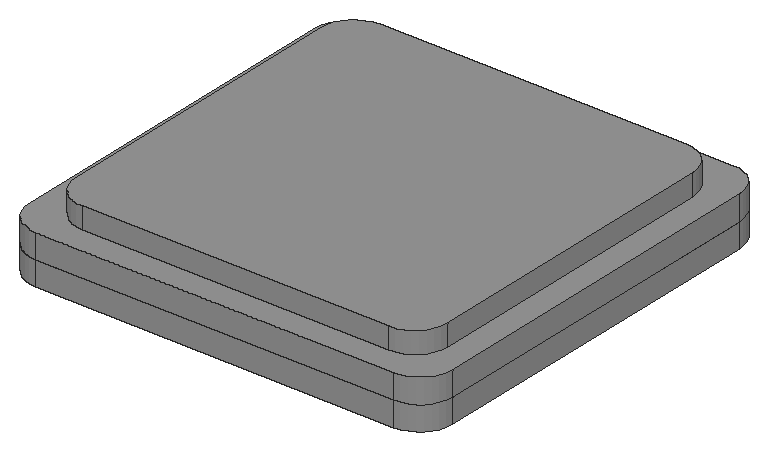
Revit family "FMS2_63_UN_Surface-mounted_ETK", category Lighting Fixtures, Revit 2019
Family settings
  Round Connector Dimension = Use Diameter
  Part Type = Normal
  OmniClass Number = 23.80.70.11.14.11
  OmniClass Title = Downlights
  Work Plane-Based = No
  Always vertical = Yes
  Cut with Voids When Loaded = No
  Light Source = No
  Shared = No
  Room Calculation Point = Yes
Parameters (values of type "FMS.2100.10 - 260x260 / 18W / 1120lm / 3000K")
  Wattage Comments = "18W"
  Wall mounted [instance] = no
  Voltage = 230 V
  URL = "https://www.etk.nl"
  Type Comments = "IP20"
  Symbol_Waterproof [instance] = no
  Symbol_Emergency Lighting [instance] = yes
  Switch Code [instance] = ""
  Model = "FMS.2"
  Manufacturer = "ETK licht B.V."
  Luminaire_Body_Material = PPS Plastic
  Luminaire Code [instance] = ""
  Light Source = FMS.2 - Lightsource : FMS.2100.10 - 260x260 / 18W / 1120lm / 3000K
  Lamp = "LED"
  IfcExportType = "USERDEFINED"
  IfcExportAs = "IfcLightFixtureType"
  Description = "Surface Mounted"
  Copyright © IVLighting = "www.ivlighting.nl"
  Ceiling mounted [instance] = not(Wall mounted)  # yes
  Bundle = "110°"
  Assembly Code = "63.0"
  Apparent Load = 18 VA
Reference planes
  plane 1 "Center (Front/Back)": y = 0
  plane 2: z = 0
  plane 3 "Center (Left/Right)": x = 0
Dimensions and locks
  plane 3 "Center (Left/Right)" to nested 1 = 0 mm
  aligned and locked: level to plane 2
  aligned and locked: plane 3 "Center (Left/Right)" to nested 4
  aligned and locked: level to nested 5
  aligned and locked: plane 1 "Center (Front/Back)" to nested 4
  aligned and locked: level to nested 4
  aligned and locked: nested 5 to plane 3 "Center (Left/Right)"
Nested families
  nested 1: "FMS.2 Light_Symbol_IVL" at (0, 0, 0), type "Lighting Fixture Round - Emergency Lighting"
  nested 2: "FMS.2 - Lightsource" at (43, -3.799, 2.924) x (0, 0, -1) z (-1, 0, 0), visible <- "Wall mounted", type "FMS.2100.10N - 260x260 / 18W / 1120lm / 3000K"
  nested 3: "FMS.2 - Lightsource" at (0, -0.95, -43), visible <- "Ceiling mounted", type "FMS.2100.10 - 260x260 / 18W / 1120lm / 3000K"
  nested 4: "FMS2 Geometry" at (0, 0, -43), visible <- "Ceiling mounted", type "FMS2 Geometry"
    with Symbol_Waterproof no, Symbol_Emergency Lighting no
  nested 5: "FMS2 Geometry" at (43, 0, 0) x (0, 1, 0) z (-1, 0, 0), visible <- "Wall mounted", type "FMS2 Geometry"
    with Symbol_Waterproof no, Symbol_Emergency Lighting no
Connectors
  electrical at (0, 0, 0), driven by "Apparent Load"
    settings: index 1, voltage 0 V, apparent load 0 VA, apparent load phase1 18 VA, apparent load phase2 0 VA, apparent load phase3 0 VA, power factor 1, load classification "Other", number of poles 1, system type 31, power factor state 1, is connector primary yes, connector utility no, sub classification motor no, connector description ""
Definition of nested family "FMS2 Geometry"
  Parameters (values of type "FMS2 Geometry")
    URL = "https://www.etk.nl/"
    Type Comments = "IP20"
    Symbol_Waterproof [instance] = no
    Symbol_Emergency Lighting [instance] = no
    Model = "FMS.2"
    Manufacturer = "ETK licht B.V."
    Luminaire_Body_Material = none
    Description = "Surface Mounted"
    Default Elevation = 1219.2 mm
    Copyright © IVLighting = "www.ivlighting.nl"
    Assembly Code = "63.0"
    43mm Height = yes
  Reference planes
    plane 1 "Center (Front/Back)": y = 0
    plane 2: z = 0
    plane 3 "Center (Left/Right)": x = 0
  Forms (mm)
    Extrusion 1, solid, visible <- "43mm Height"
      sketch origin (0, 0, 0) x (1, 0, 0) y (0, 1, 0)
        loop
          arc (-110, 130) -> (-124.142, 124.142) -> (-130, 110) r 20
          line (-130, 110) -> (-130, -110)
          arc (-130, -110) -> (-124.142, -124.142) -> (-110, -130) r 20
          line (-110, -130) -> (110, -130)
          arc (110, -130) -> (124.142, -124.142) -> (130, -110) r 20
          line (130, -110) -> (130, 110)
          arc (130, 110) -> (124.142, 124.142) -> (110, 130) r 20
          line (110, 130) -> (-110, 130)
      from 0 to 15
    Extrusion 2, solid, material <- "Luminaire_Body_Material", visible <- "43mm Height"
      sketch origin (0, 0, 0) x (1, 0, 0) y (0, 1, 0)
        loop
          arc (-94, 114) -> (-108.142, 108.142) -> (-114, 94) r 20
          line (-114, 94) -> (-114, -94)
          arc (-114, -94) -> (-108.142, -108.142) -> (-94, -114) r 20
          line (-94, -114) -> (94, -114)
          arc (94, -114) -> (108.142, -108.142) -> (114, -94) r 20
          line (114, -94) -> (114, 94)
          arc (114, 94) -> (108.142, 108.142) -> (94, 114) r 20
          line (94, 114) -> (-94, 114)
      from 30 to 43
    Extrusion 3, solid, material <- "Luminaire_Body_Material", visible <- "43mm Height"
      sketch origin (0, 0, 0) x (1, 0, 0) y (0, 1, 0)
        loop
          arc (-110, 130) -> (-124.142, 124.142) -> (-130, 110) r 20
          line (-130, 110) -> (-130, -110)
          arc (-130, -110) -> (-124.142, -124.142) -> (-110, -130) r 20
          line (-110, -130) -> (110, -130)
          arc (110, -130) -> (124.142, -124.142) -> (130, -110) r 20
          line (130, -110) -> (130, 110)
          arc (130, 110) -> (124.142, 124.142) -> (110, 130) r 20
          line (110, 130) -> (-110, 130)
      from 15 to 30
  Cuts and joins
    joined: Extrusion 2, Extrusion 3
  Dimensions and locks
    aligned and locked: level to plane 2
Definition of nested family "FMS.2 Light_Symbol_IVL"
  Parameters (values of type "Lighting Fixture - Round")
    Waterproof = no
    Wall mounted = no
    Lighting Fixture = yes
    Emergency Lighting = no
  Types (3, lengths in mm): name | Waterproof | Emergency Lighting
    Lighting Fixture - Round | no | no
    Lighting Fixture Round - Emergency Lighting | no | yes
    Lighting Fixture Round - Waterproof | yes | no
  Reference planes
    plane 1: y = 0
    plane 2: x = 0
  Lines and regions (mm)
    Filled region 1, type "Emergency Lighting", visible <- "Waterproof"
      outline origin (5.15, 1.04, 0) x (1, 0, 0) y (0, 1, 0)
        loop
          line (-6.45, -1.34) -> (-6.45, -2.34) -> (-3.85, -2.34) -> (-3.85, -1.34) -> (-6.45, -1.34)
    Filled region 2, type "Emergency Lighting", visible <- "Emergency Lighting"
      outline origin (-5.15, 1.04, 0) x (0, 1, 0) y (-1, 0, 0)
        loop
          line (-1.04, -5.15) -> (-2.34, -6.45) -> (0.26, -6.45) -> (-1.04, -5.15)
    Filled region 3, type "Emergency Lighting", visible <- "Emergency Lighting"
      outline origin (5.15, 1.04, 0) x (1, 0, 0) y (0, 1, 0)
        loop
          line (-5.15, -1.04) -> (-6.45, 0.26) -> (-6.45, -2.34) -> (-5.15, -1.04)
    detail lines, visible <- "Wall mounted"
      curve 1: line (-0.95, 0, 0) -> (-1.705, 0, 0)
      curve 2: line (-1.705, 0.391, 0) -> (-1.705, -0.391, 0)
    detail lines, visible <- "Lighting Fixture"
      curve 3: line (-1.3, 1.3, 0) -> (1.3, 1.3, 0)
      curve 4: line (-1.3, -1.3, 0) -> (-1.3, 1.3, 0)
      curve 5: line (1.3, -1.3, 0) -> (-1.3, -1.3, 0)
      curve 6: line (1.3, 1.3, 0) -> (1.3, -1.3, 0)
Definition of nested family "FMS.2 - Lightsource"
  Parameters (values of type "FMS.1110.10 - Ø270 / 18W / 1120lm / 4000K")
    Wattage Comments = "18W"
    Wattage = 7.53996 W
    built-in parameter 1150110 = 1 (stored number, unit not read)
    URL = "https://www.etk.nl"
    built-in parameter 1114217 = 1 (stored number, unit not read)
    Tilt Angle = 90.00°
    built-in parameter 1150109 = 1 (stored number, unit not read)
    built-in parameter 1150134 = 12
    built-in parameter 1150113 = 1 (stored number, unit not read)
    Photometric Web File = "FMS.1110.10.ies"
    built-in parameter 1150142 = "IESNA:LM-63-2002\r\n[TEST] /2016\r\n[TESTLAB] ies2eulumdat.appspot.com\r\n[ISSUEDATE] 2021-10-05T13:44:21.684\r\n[MANUFAC] www.etk.nl\r\n[LUMCAT] FMS.1110.10\r\n[LUMINAIRE] FMS.1 LED 18W 4000K 1120lm ø270 Ledeshi Slice circle III niet dimbaar\r\n[LAMPCAT] LED\r\n[LAMP] LED\r\nTILT=NONE\r\n1\t1381\t1\t181\t72\t1\t2\t-0.270\t-0.270\t0\r\n1.0\t1.0\t15.30\r\n0\t 0.5\t 1\t 1.5\t 2\t 2.5\t 3\t 3.5\t 4\t 4.5\r\n5\t 5.5\t 6\t 6.5\t 7\t 7.5\t 8\t 8.5\t 9\t 9.5\r\n10\t 10.5\t 11\t 11.5\t 12\t 12.5\t 13\t 13.5\t 14\t 14.5\r\n15\t 15.5\t 16\t 16.5\t 17\t 17.5\t 18\t 18.5\t 19\t 19.5\r\n20\t 20.5\t 21\t 21.5\t 22\t 22.5\t 23\t 23.5\t 24\t 24.5\r\n25\t 25.5\t 26\t 26.5\t 27\t 27.5\t 28\t 28.5\t 29\t 29.5\r\n30\t 30.5\t 31\t 31.5\t 32\t 32.5\t 33\t 33.5\t 34\t 34.5\r\n35\t 35.5\t 36\t 36.5\t 37\t 37.5\t 38\t 38.5\t 39\t 39.5\r\n40\t 40.5\t 41\t 41.5\t 42\t 42.5\t 43\t 43.5\t 44\t 44.5\r\n45\t 45.5\t 46\t 46.5\t 47\t 47.5\t 48\t 48.5\t 49\t 49.5\r\n50\t 50.5\t 51\t 51.5\t 52\t 52.5\t 53\t 53.5\t 54\t 54.5\r\n55\t 55.5\t 56\t 56.5\t 57\t 57.5\t 58\t 58.5\t 59\t 59.5\r\n60\t 60.5\t 61\t 61.5\t 62\t 62.5\t 63\t 63.5\t 64\t 64.5\r\n65\t 65.5\t 66\t 66.5\t 67\t 67.5\t 68\t 68.5\t 69\t 69.5\r\n70\t 70.5\t 71\t 71.5\t 72\t 72.5\t 73\t 73.5\t 74\t 74.5\r\n75\t 75.5\t 76\t 76.5\t 77\t 77.5\t 78\t 78.5\t 79\t 79.5\r\n80\t 80.5\t 81\t 81.5\t 82\t 82.5\t 83\t 83.5\t 84\t 84.5\r\n85\t 85.5\t 86\t 86.5\t 87\t 87.5\t 88\t 88.5\t 89\t 89.5\r\n90\r\n0\t 5\t 10\t 15\t 20\t 25\t 30\t 35\t 40\t 45\r\n50\t 55\t 60\t 65\t 70\t 75\t 80\t 85\t 90\t 95\r\n100\t 105\t 110\t 115\t 120\t 125\t 130\t 135\t 140\t 145\r\n150\t 155\t 160\t 165\t 170\t 175\t 180\t 185\t 190\t 195\r\n200\t 205\t 210\t 215\t 220\t 225\t 230\t 235\t 240\t 245\r\n250\t 255\t 260\t 265\t 270\t 275\t 280\t 285\t 290\t 295\r\n300\t 305\t 310\t 315\t 320\t 325\t 330\t 335\t 340\t 345\r\n350\t 355\r\n502.9602\t502.2697\t501.5792\t501.303\t500.8887\t500.3363\t499.6458\t499.2315\t498.6791\t497.8505\r\n497.16\t496.3314\t495.5028\t494.5361\t493.5694\t492.4646\t491.2217\t490.255\t489.2883\t488.0454\r\n486.8025\t485.4215\t484.0405\t482.6595\t481.2785\t479.7594\t478.2403\t476.5831\t475.064\t473.4068\r\n471.7496\t469.8162\t468.0209\t466.0875\t464.1541\t462.2207\t460.1492\t458.0777\t456.0062\t453.9347\r\n451.7251\t449.6536\t447.5821\t445.2344\t442.7486\t440.2628\t437.777\t435.4293\t433.0816\t430.4577\r\n427.8338\t425.348\t422.8622\t420.2383\t417.4763\t414.5762\t411.8142\t409.0522\t406.2902\t403.5282\r\n400.7662\t397.728\t394.5517\t391.6516\t388.7515\t385.7133\t382.8132\t379.6369\t376.4606\t373.4224\r\n370.2461\t367.2079\t364.1697\t360.7172\t357.4028\t354.0884\t350.774\t347.5977\t344.4214\t340.8308\r\n337.3783\t333.9258\t330.4733\t327.1589\t323.8445\t320.392\t316.9395\t313.2108\t309.6202\t306.1677\r\n302.7152\t298.9865\t295.2578\t291.6672\t288.0766\t284.486\t280.8954\t277.1667\t273.2999\t269.7093\r\n265.9806\t262.2519\t258.5232\t254.7945\t250.9277\t247.3371\t243.7465\t239.8797\t236.0129\t232.008\r\n228.0031\t224.4125\t220.8219\t216.9551\t213.2264\t209.0834\t205.0785\t201.2117\t197.3449\t193.4781\r\n189.6113\t185.4683\t181.4634\t177.7347\t173.8679\t170.0011\t165.9962\t161.9913\t157.8483\t153.9815\r\n150.2528\t146.5241\t142.7954\t138.7905\t134.7718\t130.6978\t126.6239\t122.9366\t119.2355\t115.3687\r\n111.5019\t107.8285\t104.1412\t100.4125\t96.6976\t92.9551\t89.2264\t85.4839\t81.7552\t78.3027\r\n74.864\t71.5496\t68.2352\t64.9761\t61.7031\t58.5544\t55.4057\t52.4228\t49.4398\t46.5397\r\n43.6534\t40.7395\t37.8256\t35.1741\t32.5226\t30.0229\t27.5371\t25.2861\t23.0351\t21.0741\r\n19.113\t16.061\t13.0118\t10.1559\t7.3013\t6.7545\t6.209\t5.8775\t5.5461\t5.3141\r\n5.0821\r\n502.9602\t502.2697\t501.4411\t501.0268\t500.6125\t499.922\t499.2315\t498.6791\t497.9886\t497.16\r\n496.3314\t495.5028\t494.5361\t493.5694\t492.6027\t491.3598\t490.1169\t489.0121\t487.9073\t486.6644\r\n485.4215\t483.9024\t482.5214\t481.0023\t479.4832\t477.9641\t476.3069\t474.6497\t472.9925\t471.3353\r\n469.6781\t467.7447\t465.6732\t463.7398\t461.8064\t459.873\t457.8015\t455.5919\t453.5204\t451.3108\r\n449.1012\t446.8916\t444.8201\t442.3343\t439.9866\t437.3627\t434.8769\t432.3911\t430.0434\t427.4195\r\n424.7956\t422.1717\t419.6859\t416.9239\t414.3\t411.3999\t408.4998\t405.7378\t402.8377\t400.0757\r\n397.3137\t394.2755\t391.0992\t388.061\t385.1609\t382.1227\t379.2226\t376.0463\t372.87\t369.6937\r\n366.6555\t363.4792\t360.3029\t356.9885\t353.6741\t350.3597\t347.0453\t343.7309\t340.4165\t337.1021\r\n333.6496\t330.1971\t326.7446\t323.2921\t319.8396\t316.5252\t313.0727\t309.4821\t305.8915\t302.3009\r\n298.8484\t295.2578\t291.5291\t287.9385\t284.3479\t280.7573\t277.1667\t273.438\t269.7093\t266.1187\r\n262.39\t258.6613\t254.9326\t251.2039\t247.4752\t243.7465\t240.0178\t236.2891\t232.5604\t228.6936\r\n224.8268\t220.96\t217.2313\t213.5026\t209.7739\t205.9071\t202.0403\t198.0354\t194.3067\t190.4399\r\n186.5731\t182.7063\t178.7014\t174.8346\t170.9678\t167.2391\t163.3723\t159.5055\t155.6387\t151.7719\r\n147.9051\t144.1764\t140.4477\t136.6776\t132.8798\t129.0821\t125.2429\t121.4037\t117.7441\t114.0982\r\n110.3833\t106.6684\t103.0778\t99.5425\t96.0485\t92.4027\t88.7983\t85.2353\t81.7276\t78.2751\r\n74.864\t71.522\t68.2352\t65.0451\t61.8964\t58.803\t55.7648\t52.9061\t50.1027\t47.1611\r\n44.2334\t41.2505\t38.1985\t34.9945\t31.3763\t27.8824\t24.7061\t21.7093\t19.0026\t16.572\r\n14.3348\t12.824\t11.5037\t10.3175\t9.319\t8.5871\t8.0858\t7.7612\t2.0356\t0\r\n0\r\n502.9602\t502.1316\t501.303\t500.8887\t500.3363\t499.6458\t498.8172\t498.1267\t497.4362\t496.6076\r\n495.6409\t494.8123\t493.8456\t492.7408\t491.636\t490.3931\t489.1502\t487.9073\t486.8025\t485.4215\r\n484.1786\t482.6595\t481.1404\t479.6213\t478.1022\t476.445\t474.7878\t473.1306\t471.3353\t469.6781\r\n467.8828\t465.9494\t464.016\t461.9445\t460.0111\t457.9396\t455.8681\t453.7966\t451.587\t449.3774\r\n447.1678\t444.9582\t442.7486\t440.4009\t437.9151\t435.4293\t432.9435\t430.3196\t427.8338\t425.348\r\n422.7241\t420.1002\t417.4763\t414.8524\t412.2285\t409.4665\t406.5664\t403.6663\t400.9043\t398.0042\r\n395.2422\t392.3421\t389.3039\t386.1276\t383.2275\t380.3274\t377.2892\t374.251\t371.0747\t367.8984\r\n364.7221\t361.6839\t358.5076\t355.3313\t352.0169\t348.7025\t345.3881\t342.2118\t338.8974\t335.583\r\n332.2686\t328.8161\t325.5017\t322.0492\t318.5967\t315.2823\t311.8298\t308.3773\t305.0629\t301.4723\r\n298.0198\t294.4292\t290.8386\t287.3861\t283.9336\t280.343\t276.7524\t273.2999\t269.7093\t266.1187\r\n262.5281\t258.7994\t255.2088\t251.6182\t247.8895\t244.2989\t240.5702\t236.9796\t233.2509\t229.6603\r\n225.9316\t222.2029\t218.6123\t214.8836\t211.1549\t207.2881\t203.4213\t199.4164\t195.4115\t191.4066\r\n187.5398\t183.673\t179.6681\t175.6632\t171.6583\t167.6534\t163.7866\t159.9198\t156.1911\t152.3243\r\n148.4575\t144.5907\t140.7239\t137.0366\t133.3494\t129.6897\t126.0439\t122.3428\t118.6555\t115.0235\r\n111.4467\t107.9666\t104.5831\t101.2135\t97.7334\t94.2809\t90.8698\t87.3344\t83.7715\t80.3742\r\n77.0322\t73.8145\t70.652\t67.5723\t64.5618\t61.6064\t58.6925\t55.8338\t52.9752\t50.0613\r\n47.175\t43.971\t40.7119\t37.577\t34.5664\t31.6939\t28.9596\t26.3771\t23.9742\t21.806\r\n19.8588\t18.0359\t16.3372\t14.7353\t13.2245\t10.0371\t3.3061\t0\t0\t0\r\n0\r\n502.9602\t502.1316\t501.1649\t500.6125\t500.0601\t499.2315\t498.4029\t497.7124\t496.8838\t496.0552\r\n495.0885\t494.1218\t493.017\t491.9122\t490.8074\t489.5645\t488.1835\t486.9406\t485.6977\t484.4548\r\n483.0738\t481.6928\t480.0356\t478.5165\t476.8593\t475.3402\t473.683\t471.8877\t470.0924\t468.4352\r\n466.6399\t464.8446\t462.7731\t460.7016\t458.7682\t456.6967\t454.6252\t452.5537\t450.3441\t448.1345\r\n445.9249\t443.7153\t441.3676\t439.158\t436.8103\t434.3245\t431.8387\t429.3529\t426.729\t424.2432\r\n421.7574\t419.1335\t416.5096\t413.8857\t411.2618\t408.4998\t405.7378\t402.9758\t400.0757\t397.3137\r\n394.5517\t391.6516\t388.8896\t385.8514\t382.8132\t379.775\t377.013\t373.9748\t370.9366\t367.8984\r\n364.7221\t361.6839\t358.6457\t355.4694\t352.2931\t349.1168\t345.9405\t342.7642\t339.5879\t336.2735\r\n333.0972\t329.7828\t326.4684\t323.154\t319.9777\t316.6633\t313.3489\t309.8964\t306.582\t303.2676\r\n299.9532\t296.6388\t293.1863\t289.3195\t285.4527\t281.8621\t278.1334\t274.4047\t270.5379\t266.8092\r\n263.0805\t259.3518\t255.485\t251.6182\t247.8895\t244.0227\t240.294\t236.4272\t232.6985\t228.8317\r\n225.103\t221.2362\t217.5075\t213.7788\t209.912\t206.0452\t202.1784\t198.5878\t194.8591\t191.2685\r\n187.5398\t183.8111\t179.9443\t176.2156\t172.625\t168.8963\t165.3057\t161.7151\t157.9864\t154.3958\r\n150.8052\t147.3527\t143.7621\t139.8953\t135.9871\t132.0512\t128.0877\t124.1657\t120.5475\t116.9431\r\n113.3525\t109.7757\t106.2265\t102.6912\t99.1972\t95.7862\t92.4441\t89.1574\t85.9534\t82.8186\r\n79.7389\t76.6731\t73.4968\t70.3896\t67.3928\t64.4651\t61.6202\t58.803\t56.0134\t53.2652\r\n50.5722\t47.8516\t45.1587\t42.4934\t39.7866\t37.1075\t34.5112\t31.984\t29.512\t27.109\r\n24.7751\t22.4965\t20.2869\t13.1457\t5.7187\t0\t0\t0\t0\t0\r\n0\r\n502.9602\t501.9935\t501.1649\t500.4744\t499.7839\t498.9553\t498.1267\t497.2981\t496.4695\t495.5028\r\n494.5361\t493.5694\t492.4646\t491.3598\t490.1169\t488.874\t487.493\t486.112\t484.8691\t483.6262\r\n482.2452\t480.7261\t479.207\t477.5498\t476.0307\t474.5116\t472.8544\t471.0591\t469.2638\t467.4685\r\n465.6732\t463.8779\t462.0826\t460.0111\t457.9396\t455.8681\t453.9347\t451.8632\t449.6536\t447.444\r\n445.2344\t443.0248\t440.8152\t438.6056\t436.2579\t433.9102\t431.5625\t429.2148\t426.5909\t424.1051\r\n421.6193\t419.1335\t416.5096\t414.0238\t411.3999\t408.776\t406.1521\t403.3901\t400.6281\t397.8661\r\n395.1041\t392.3421\t389.5801\t386.8181\t384.0561\t381.0179\t378.1178\t375.2177\t372.3176\t369.5556\r\n366.5174\t363.4792\t360.441\t357.4028\t354.3646\t351.4645\t348.2882\t344.8357\t341.2451\t337.7926\r\n334.202\t330.6114\t327.1589\t323.5683\t319.9777\t316.3871\t312.7965\t309.2059\t305.6153\t302.0247\r\n298.296\t294.7054\t291.1148\t287.5242\t283.9336\t280.343\t276.6143\t273.0237\t269.4331\t265.8425\r\n262.2519\t258.5232\t254.9326\t251.342\t247.8895\t244.1608\t240.5702\t236.9796\t233.2509\t229.6603\r\n226.0697\t222.6172\t219.0266\t215.436\t211.8454\t208.3929\t204.9404\t201.4879\t197.8973\t194.1686\r\n190.0256\t185.8826\t181.8777\t178.149\t174.2822\t170.4154\t166.5486\t162.5437\t158.6769\t154.8101\r\n151.0814\t147.3527\t143.624\t139.8953\t136.2495\t132.5898\t128.944\t125.3396\t121.8594\t118.4207\r\n115.0235\t111.6262\t108.2704\t104.7765\t101.2825\t97.83\t94.4328\t91.0908\t87.804\t84.5586\r\n81.3961\t78.2889\t75.2507\t72.2539\t69.2986\t66.3985\t63.5398\t60.7226\t57.9468\t55.24\r\n52.5885\t49.9922\t47.4512\t44.9654\t42.5072\t40.0628\t37.6599\t35.2846\t32.8678\t30.4787\r\n25.3414\t17.1382\t8.953\t0.7955\t0\t0\t0\t0\t0\t0\r\n0\r\n502.9602\t501.9935\t501.0268\t500.1982\t499.5077\t498.6791\t497.7124\t496.8838\t496.0552\t495.0885\r\n494.1218\t493.017\t491.9122\t490.8074\t489.5645\t488.3216\t486.9406\t485.5596\t484.1786\t482.9357\r\n481.5547\t480.1737\t478.6546\t476.9974\t475.4783\t473.8211\t472.1639\t470.5067\t468.7114\t466.9161\r\n465.1208\t463.3255\t461.5302\t459.7349\t457.6634\t455.5919\t453.6585\t451.587\t449.6536\t447.444\r\n445.3725\t443.1629\t440.8152\t438.7437\t436.5341\t434.1864\t431.9768\t429.6291\t427.2814\t424.9337\r\n422.4479\t419.9621\t417.4763\t414.9905\t412.5047\t410.157\t407.5331\t404.9092\t402.2853\t399.6614\r\n397.0375\t394.2755\t391.6516\t388.8896\t386.2657\t383.3656\t380.0512\t376.7368\t373.4224\t369.9699\r\n366.6555\t363.3411\t360.0267\t356.5742\t353.1217\t349.6692\t346.3548\t342.9023\t339.5879\t336.1354\r\n332.5448\t329.0923\t325.6398\t322.3254\t318.8729\t315.4204\t311.9679\t308.5154\t305.0629\t301.6104\r\n298.1579\t294.7054\t291.2529\t287.8004\t284.3479\t280.8954\t277.4429\t273.9904\t270.5379\t267.0854\r\n263.6329\t260.1804\t256.866\t253.4135\t249.961\t246.5085\t243.056\t239.7416\t236.151\t232.1461\r\n228.2793\t224.2744\t220.2695\t216.4027\t212.3978\t208.531\t204.6642\t200.7974\t197.0687\t193.2019\r\n189.3351\t185.4683\t181.7396\t178.149\t174.4203\t170.6916\t166.9629\t163.2342\t159.5055\t155.9149\r\n152.3243\t148.8718\t145.2812\t141.8287\t138.3762\t134.6199\t130.905\t127.2453\t123.6133\t119.9951\r\n116.3907\t112.8277\t109.3062\t105.8537\t102.4426\t99.0729\t95.7447\t92.4303\t89.1712\t85.9396\r\n82.7633\t79.6423\t76.5626\t73.5383\t70.5967\t67.7242\t64.8794\t62.0621\t59.2863\t56.5243\r\n53.79\t51.0832\t48.404\t45.7663\t43.1562\t40.56\t38.0051\t35.4641\t27.8824\t19.8588\r\n11.8435\t3.8226\t0\t0\t0\t0\t0\t0\t0\t0\r\n0\r\n502.9602\t501.9935\t500.8887\t500.0601\t499.3696\t498.4029\t497.5743\t496.6076\t495.6409\t494.6742\r\n493.7075\t492.6027\t491.4979\t490.255\t489.1502\t487.7692\t486.5263\t485.1453\t483.7643\t482.3833\r\n481.0023\t479.6213\t478.2403\t476.7212\t475.064\t473.5449\t471.8877\t470.2305\t468.7114\t466.9161\r\n465.1208\t463.3255\t461.3921\t459.5968\t457.8015\t456.0062\t453.9347\t451.8632\t449.9298\t447.9964\r\n445.9249\t443.8534\t441.6438\t439.4342\t437.3627\t435.1531\t433.0816\t430.872\t428.5243\t426.1766\r\n423.967\t421.7574\t419.4097\t416.9239\t414.5762\t412.0904\t409.6046\t406.8426\t403.9425\t400.7662\r\n397.4518\t394.2755\t391.0992\t387.9229\t384.7466\t381.5703\t378.2559\t375.0796\t371.9033\t368.727\r\n365.4126\t362.2363\t358.7838\t355.4694\t352.2931\t349.1168\t345.8024\t342.3499\t339.0355\t335.7211\r\n332.5448\t329.2304\t325.916\t322.6016\t319.2872\t315.9728\t312.6584\t309.344\t306.0296\t302.7152\r\n299.4008\t296.2245\t292.9101\t289.7338\t286.4194\t283.105\t279.9287\t276.6143\t273.2999\t269.5712\r\n265.7044\t261.9757\t257.9708\t254.104\t250.2372\t246.3704\t242.5036\t238.7749\t234.9081\t231.1794\r\n227.3126\t223.5839\t219.7171\t215.9884\t212.2597\t208.531\t204.9404\t201.2117\t197.6211\t193.8924\r\n190.3018\t186.5731\t182.9825\t179.3919\t175.8013\t172.2107\t168.7582\t165.1676\t161.4389\t157.5721\r\n153.7053\t149.9766\t146.2479\t142.6573\t139.0667\t135.4485\t131.8303\t128.2535\t124.7043\t121.1689\r\n117.6612\t114.1949\t110.7424\t107.3866\t104.0722\t100.7854\t97.54\t94.2532\t90.9527\t87.6797\r\n84.462\t81.2719\t78.1232\t75.0159\t71.9501\t68.9119\t65.9151\t62.9598\t60.0459\t57.1596\r\n54.3009\t51.4561\t48.6526\t45.8492\t43.0872\t38.9718\t31.0587\t23.1318\t15.2186\t7.3069\r\n0\t0\t0\t0\t0\t0\t0\t0\t0\t0\r\n0\r\n502.9602\t501.8554\t500.8887\t499.922\t499.0934\t498.2648\t497.2981\t496.3314\t495.3647\t494.398\r\n493.2932\t492.1884\t491.0836\t489.9788\t488.7359\t487.493\t486.2501\t484.8691\t483.4881\t482.1071\r\n480.7261\t479.3451\t477.9641\t476.5831\t475.064\t473.5449\t471.8877\t470.2305\t468.5733\t467.0542\r\n465.397\t463.6017\t461.8064\t460.0111\t458.2158\t456.4205\t454.6252\t452.8299\t450.7584\t448.6869\r\n446.7535\t444.9582\t443.0248\t440.9533\t438.8818\t436.6722\t434.6007\t432.3911\t430.4577\t428.3862\r\n426.1766\t423.1384\t420.2383\t417.3382\t414.4381\t411.3999\t408.3617\t405.3235\t402.2853\t399.109\r\n396.0708\t393.1707\t390.2706\t387.0943\t383.918\t380.7417\t377.5654\t374.5272\t371.3509\t368.1746\r\n365.1364\t361.9601\t358.9219\t355.7456\t352.7074\t349.5311\t346.3548\t343.1785\t339.8641\t336.8259\r\n333.6496\t330.4733\t327.297\t323.9826\t320.9444\t317.7681\t314.7299\t311.5536\t308.3773\t305.201\r\n302.0247\t298.4341\t294.7054\t290.9767\t287.1099\t283.3812\t279.6525\t275.7857\t272.057\t268.4664\r\n264.7377\t261.009\t257.2803\t253.5516\t249.8229\t246.0942\t242.3655\t238.7749\t235.0462\t231.4556\r\n227.865\t224.1363\t220.5457\t216.9551\t213.3645\t209.7739\t206.1833\t202.7308\t199.1402\t195.5496\r\n192.0971\t188.3684\t184.5016\t180.6348\t176.768\t173.0393\t169.1725\t165.4438\t161.7151\t158.1245\r\n154.3958\t150.8052\t147.0765\t143.4859\t139.8953\t136.3047\t132.7417\t129.2064\t125.6986\t122.2185\r\n118.766\t115.3273\t111.9162\t108.5328\t105.1632\t101.8211\t98.5067\t95.2061\t91.947\t88.7154\r\n85.4977\t82.3076\t79.1451\t75.9826\t72.8616\t69.7405\t66.6333\t63.5536\t60.4878\t57.4358\r\n54.3976\t51.387\t48.3902\t43.0596\t35.1465\t27.2471\t19.3478\t11.4471\t3.5519\t0\r\n0\t0\t0\t0\t0\t0\t0\t0\t0\t0\r\n0\r\n502.9602\t501.8554\t500.7506\t499.7839\t498.9553\t498.1267\t497.16\t496.0552\t495.0885\t494.1218\r\n493.017\t492.0503\t490.8074\t489.7026\t488.4597\t487.2168\t485.9739\t484.731\t483.35\t482.1071\r\n480.7261\t479.3451\t477.9641\t476.445\t475.064\t473.683\t472.1639\t470.5067\t468.9876\t467.3304\r\n465.8113\t464.1541\t462.635\t460.8397\t459.0444\t457.2491\t455.4538\t453.7966\t452.0013\t450.206\r\n448.4107\t446.3392\t444.4058\t442.6105\t440.8152\t439.0199\t436.2579\t433.3578\t430.4577\t427.5576\r\n424.7956\t421.8955\t419.1335\t416.2334\t413.3333\t410.2951\t407.395\t404.4949\t401.7329\t398.8328\r\n395.7946\t392.7564\t389.7182\t386.68\t383.6418\t380.7417\t377.8416\t374.9415\t371.9033\t368.8651\r\n365.6888\t362.7887\t359.7505\t356.7123\t353.6741\t350.6359\t347.5977\t344.6976\t341.6594\t338.7593\r\n335.7211\t332.6829\t329.7828\t326.6065\t323.4302\t319.7015\t315.9728\t312.3822\t308.6535\t304.7867\r\n301.058\t297.4674\t293.7387\t290.1481\t286.5575\t282.8288\t279.2382\t275.6476\t271.9189\t268.3283\r\n264.5996\t261.009\t257.4184\t253.8278\t250.2372\t246.6466\t243.1941\t239.6035\t236.0129\t232.5604\r\n229.1079\t225.5173\t222.0648\t218.4742\t215.0217\t211.4311\t207.5643\t203.6975\t199.9688\t196.102\r\n192.3733\t188.5065\t184.7778\t181.0491\t177.1823\t173.4536\t169.863\t166.1343\t162.4056\t158.815\r\n155.2244\t151.6338\t147.9051\t144.4526\t140.862\t137.3128\t133.7637\t130.2421\t126.7344\t123.2404\r\n119.7465\t116.3078\t112.8829\t109.4719\t106.0884\t102.7188\t99.3629\t96.0209\t92.6927\t89.3783\r\n86.0777\t82.791\t79.5318\t76.2726\t73.0411\t69.8234\t66.6194\t63.4293\t60.253\t57.0905\r\n53.9419\t48.1831\t40.2285\t32.274\t24.3332\t16.4063\t8.4669\t0.5338\t0\t0\r\n0\t0\t0\t0\t0\t0\t0\t0\t0\t0\r\n0\r\n502.9602\t501.8554\t500.7506\t499.6458\t498.8172\t497.8505\t497.0219\t495.9171\t494.8123\t493.8456\r\n492.7408\t491.7741\t490.6693\t489.5645\t488.4597\t487.2168\t485.9739\t484.731\t483.35\t482.1071\r\n480.7261\t479.3451\t478.1022\t476.7212\t475.3402\t473.8211\t472.4401\t471.0591\t469.54\t468.0209\r\n466.5018\t464.8446\t463.3255\t461.8064\t460.2873\t458.6301\t456.8348\t455.1776\t453.3823\t451.7251\r\n449.9298\t448.2726\t446.063\t443.4391\t440.6771\t437.777\t435.015\t432.3911\t429.7672\t427.0052
